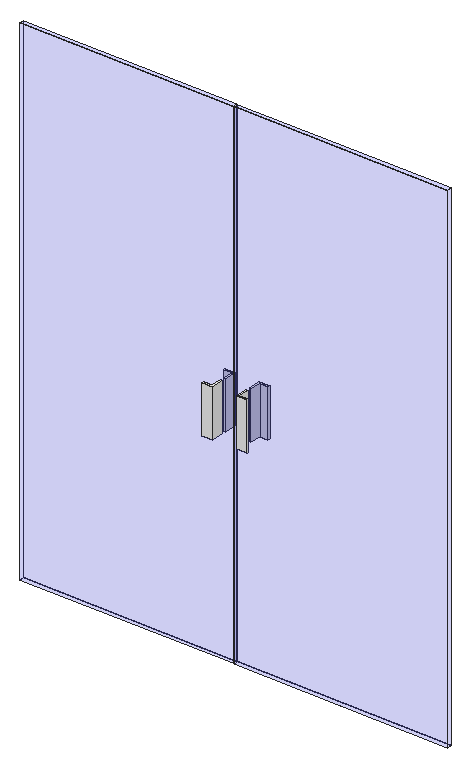
Revit family "70481bd327664598ac06b2006e9011df", category Doors, Revit 2025
Family settings
  OmniClass Number = 23.30.10.00
  OmniClass Title = Doors
  Always vertical = Yes
  Cut with Voids When Loaded = No
  Shared = No
  Room Calculation Point = No
Parameters
  Width [instance] = 6' - 0"
  Visual Light Transmittance = 0
  Thermal Resistance (R) = 10.0000 (h·ft²·°F)/BTU
  Swing Angle [instance] = 90.00°
  Solar Heat Gain Coefficient = 0
  Panel Width [instance] = 1 / 2 * Width  # 3' - 0"
  Offset = 0' - 2"
  Define Thermal Properties by = 1
  Construction Type Id = ""
  Heat Transfer Coefficient (U) = 0.1000 BTU/(h·ft²·°F)
  Door Handle Material = Aluminum
  Glazing = Glass
  Function = Exterior
  Assembly Code = "B2030100"
  Analytic Construction = "<None>"
Reference planes (in)
  plane 1 "Center (Front/Back)": y = 0
  plane 2: z = 0
  plane 3 "Center (Left/Right)": x = -0.00106
  plane 4 "Left": x = -36.00106
  plane 5 "Right": x = 35.99894
  plane 6 "Top": z = 84
  plane 7: z = 42
  plane 8: y = 2
  plane 9: z = 34
  plane 10: z = 42
Forms (in)
  Extrusion 1, solid, material "Glass" <- "Glazing"
    sketch origin (0, 0, 0) x (1, 0, 0) y (0, 0, 1)
      loop
        line (35.99894, 84) -> (0.06144, 84) -> (0.06144, 0) -> (35.99894, 0) -> (35.99894, 84)
    from -2 to -1.25
  Extrusion 2, solid, material "Glass" <- "Glazing"
    sketch origin (0, 0, 0) x (1, 0, 0) y (0, 0, 1)
      loop
        line (-36.00106, 84) -> (-36.00106, 0) -> (-0.06356, 0) -> (-0.06356, 84) -> (-36.00106, 84)
    from -2 to -1.25
  Extrusion 3, solid, material "Aluminum" <- "Door Handle Material", detail levels fine
    sketch origin (0, 0, 0) x (1, 0, 0) y (0, 1, 0)
      loop
        line (-2.00106, 2) -> (-2.00106, 4) -> (-3.75106, 4) -> (-3.75106, 3.75) -> (-2.25106, 3.75) -> (-2.25106, 2) -> (-2.00106, 2)
      loop
        line (1.99894, 2) -> (2.24894, 2) -> (2.24894, 3.75) -> (3.74894, 3.75) -> (3.74894, 4) -> (1.99894, 4) -> (1.99894, 2)
      loop
        line (-2.00106, 1.25) -> (-2.25106, 1.25) -> (-2.25106, -0.5) -> (-3.75106, -0.5) -> (-3.75106, -0.75) -> (-2.00106, -0.75) -> (-2.00106, 1.25)
      loop
        line (1.99894, 1.25) -> (1.99894, -0.75) -> (3.74894, -0.75) -> (3.74894, -0.5) -> (2.24894, -0.5) -> (2.24894, 1.25) -> (1.99894, 1.25)
    from 34 to 42
Lines and regions (in)
  symbolic lines, style "Elevation Swing"
    curve 1: line (0.06144, 0, 84) -> (35.99894, 0, 42)
    curve 2: line (35.99894, 0, 42) -> (-0.00106, 0, -0.07304)
    curve 3: line (-0.00106, 0, -0.07304) -> (-36.00106, 0, 42)
    curve 4: line (-36.00106, 0, 42) -> (-0.06356, 0, 84)
Text (in)
  text "Exterior" at (-31.12797, 43.01668, 0), in view "Ref. Level"
Dimensions and locks (in)
  equal spacing: plane 2, plane 7, plane 6 "Top"
  locked: Extrusion 1 sketch curve to plane 3 "Center (Left/Right)" at 0.0625
  "Offset": plane 1 "Center (Front/Back)" to plane 8
  locked: Extrusion 1 to plane 8 at 0.75
  locked: plane 3 "Center (Left/Right)" to Extrusion 2 sketch curve at 0.0625
  locked: Extrusion 2 to plane 8 at 0.75
  plane 2 to plane 9 = 2' - 10"
  locked: plane 9 to plane 10 at 8
  Extrusion 3 sketch curve to Extrusion 3 sketch curve to plane 8 = 0' - 0 1/4" locked, 0' - 1 3/4" locked
  plane 8 to Extrusion 3 sketch curve to Extrusion 3 sketch curve = 0' - 1 3/4" locked, 0' - 0 1/4" locked
  Extrusion 3 sketch curve to Extrusion 3 sketch curve to Extrusion 1 = 0' - 0 1/4" locked, 0' - 1 3/4" locked
  Extrusion 2 to Extrusion 3 sketch curve to Extrusion 3 sketch curve = 0' - 1 3/4" locked, 0' - 0 1/4" locked
  "Width": plane 4 "Left" to plane 5 "Right"
  equal spacing: plane 4 "Left", plane 3 "Center (Left/Right)", plane 5 "Right"
  aligned and locked: Extrusion 1 sketch curve to plane 5 "Right"
  aligned and locked: Extrusion 1 sketch curve to plane 6 "Top"
  aligned and locked: Extrusion 1 sketch curve to level
  aligned and locked: Extrusion 1 to plane 8
  aligned and locked: level to Extrusion 2 sketch curve
  aligned and locked: Extrusion 2 sketch curve to plane 4 "Left"
  aligned and locked: plane 6 "Top" to Extrusion 2 sketch curve
  aligned and locked: Extrusion 1 to Extrusion 2
  aligned and locked: plane 10 to Extrusion 3
  aligned and locked: plane 9 to Extrusion 3
  aligned and locked: plane 8 to Extrusion 3 sketch curve
  aligned and locked: Extrusion 3 sketch curve to plane 8
  aligned and locked: Extrusion 3 sketch curve to Extrusion 3 sketch curve
  aligned and locked: Extrusion 3 sketch curve to Extrusion 1
  aligned and locked: plane 8 to nested 1
  aligned and locked: nested 1 to plane 5 "Right"  (x2)
  aligned and locked: nested 2 to plane 3 "Center (Left/Right)"
  aligned and locked: nested 1 to plane 3 "Center (Left/Right)"
  aligned and locked: nested 2 to plane 4 "Left"
  aligned and locked: nested 2 to plane 8
Automatic sketch dimensions
  curve 4 to plane 6 "Top" = 0' - 0"
  curve 1 to plane 6 "Top" = 0' - 0"
  curve 2 to plane 5 "Right" = 0' - 0"
  curve 2 to plane 7 = 0' - 0"
  curve 4 to plane 4 "Left" = 0' - 0"
  curve 4 to plane 7 = 0' - 0"
  curve 3 to plane 3 "Center (Left/Right)" = 0' - 0"
  curve 3 to level = 0' - 0.07304"
  curve 4 to plane 3 "Center (Left/Right)" = 0' - 0 1/16"
  plane 3 "Center (Left/Right)" to curve 1 = 0' - 0 1/16"
  Extrusion 3 sketch curve to plane 3 "Center (Left/Right)" = 0' - 3 3/4"  (x2)
  Extrusion 3 sketch curve to Extrusion 3 sketch curve = 0' - 1 1/2"  (x3)
  Extrusion 3 sketch curve to Extrusion 3 sketch curve = 0' - 0"
  Extrusion 3 sketch curve to Extrusion 3 sketch curve = 0' - 0 1/4"  (x4)
  plane 3 "Center (Left/Right)" to Extrusion 3 sketch curve = 0' - 2"  (x2)
Nested families (in)
  nested 1: "Curtain Wall Door Swing-Single" at (35.99894, 2, 0), Swing Angle <- "Swing Angle", type "Single"
    with Swing Visible yes, Swing Angle 90.00°, Actual Angle 90.00°
  nested 2: "Curtain Wall Door Swing-Single" at (-36.00106, 2, 0) x (-1, 0, 0) z (0, 0, 1), Swing Angle <- "Swing Angle", type "Single"
    with Swing Visible yes, Swing Angle 90.00°, Actual Angle 90.00°
Definition of nested family "Curtain Wall Door Swing-Single"
  Parameters
    Width = 3' - 0"
    Thickness = 0' - 0"
    Swing Visible [instance] = Swing Angle > 1.00°  # yes
    Swing Angle [instance] = 45.00°
    Assembly Code = ""
    Analytic Construction = "<None>"
    Actual Angle [instance] = if(Swing Angle < 1.00°, 1.00°, Swing Angle)  # 45.00°
  Reference planes (in)
    plane 1 "Center (Front/Back)": y = 0
    plane 2: z = 0
    plane 3 "Center (Left/Right)": x = 0
    plane 4: x = -36
  Lines and regions (in)
    symbolic lines
      curve 1: line (0, 0, 0) -> (-36, 0, 0)
      curve 5: line (0, 0, 0) -> (-25.45584, 25.45584, 0)
    symbolic lines, visible <- "Swing Visible"
      curve 2: arc (-36, 0, 0) -> (-33.25966, 13.7766, 0) -> (-25.45584, 25.45584, 0) r 36
    reference lines
      curve 3: line (0, 0, 0) -> (-25.45584, 25.45584, 0)
    model lines
      curve 4: line (0, 0, 0) -> (0, 0, 1)
  Dimensions and locks (in)
    "Width": plane 4 to plane 3 "Center (Left/Right)"
    locked: curve 2 to plane 3 "Center (Left/Right)"
    locked: curve 2 to plane 1 "Center (Front/Back)"
    "Width": curve 3 to curve 3
    locked: curve 4 to plane 2 at 1
    "Width": radius of curve 2
    "Actual Angle": angle curve 2 to curve 2
    "Swing Angle": angle curve 3 to plane 1 "Center (Front/Back)"
    aligned and locked: plane 3 "Center (Left/Right)" to curve 1
    aligned and locked: plane 3 "Center (Left/Right)" to curve 3
    aligned and locked: plane 1 "Center (Front/Back)" to curve 3
    aligned and locked: plane 3 "Center (Left/Right)" to curve 4
    aligned and locked: plane 2 to curve 4
    aligned and locked: curve 5 to curve 3
